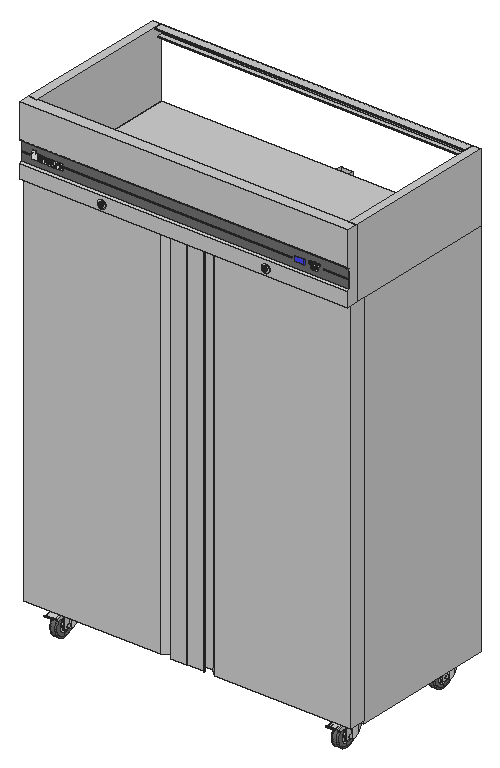
Revit family "QF_INOMAK_CFP2144_SL_250513114543", category Specialty Equipment, Revit 2021
Family settings
  Round Connector Dimension = Use Diameter
  Part Type = Normal
  OmniClass Number = 23.40.40.14
  OmniClass Title = Food Service Equipment
  Work Plane-Based = No
  Always vertical = Yes
  Cut with Voids When Loaded = No
  Shared = No
  Room Calculation Point = No
Parameters (values of type "CFP2144-SL")
  Weight [instance] = 197.00 kg
  Warranty Start Date [instance] = ""
  Warranty Duration [instance] = ""
  Volts [instance] = 230 V
  Volt Free Conn [instance] = no
  URL Recommended Spares List [instance] = ""
  URL Manufacturer [instance] = ""
  URL Cutsheet [instance] = ""
  URL Critical Spares List [instance] = ""
  URL = "www.inomak.com"
  Technical Documentation [instance] = ""
  Tag Number [instance] = ""
  Status [instance] = ""
  Start Up Current [instance] = 0 A
  Specification by User [instance] = ""
  Specification by Manufacturer [instance] = ""
  Sound Level [instance] = ""
  Show Logo [instance] = yes
  Show Clearances [instance] = yes
  Service Life Duration [instance] = ""
  Serial Number [instance] = ""
  Seismic Rating [instance] = ""
  SMACNA No [instance] = ""
  Revision Code [instance] = ""
  Revision [instance] = ""
  Production Year [instance] = ""
  Potential Equalisation [instance] = no
  Point Load [instance] = 0
  Phase [instance] = 1
  Other Equipment Approvals [instance] = ""
  Operational Current [instance] = 0 A
  Number of Poles [instance] = 2
  No Load Power Draw [instance] = no
  NAFEM Spec ID Number [instance] = ""
  Model Warning [instance] = ""
  Model = "CFP2144/SL"
  Min Ckt Ampacity [instance] = 0 A
  Max Overcurrent Protection [instance] = 10 A
  Masterspec [instance] = ""
  Manufacturer = "INOMAK"
  Main switch integrated [instance] = no
  Length Actual [instance] = 1439.926 mm
  Item Number [instance] = ""
  Installed By [instance] = ""
  Installation Date [instance] = ""
  Identify Quantity as Lot [instance] = no
  ID [instance] = ""
  Hygiene Approval [instance] = ""
  Height Actual [instance] = 2100.072 mm
  HP power [instance] = ""
  Furnished By [instance] = ""
  Foodservice Equipment Identifier [instance] = no
  FL Amps [instance] = 4.9 A
  Electrical Remarks [instance] = ""
  Electric power [instance] = 770 W
  Electric Connection Type [instance] = ""
  Elec Conn RI Height [instance] = 0 mm
  Elec Conn Connection Height [instance] = 0 mm
  ETL Approved [instance] = no
  Description = "CLOVER FREEZER CABINET WITH 2 GN 2/1 DOORS, COMPACT DIMENSIONS"
  Depth Actual [instance] = 768.096 mm
  Default Elevation = 0 mm
  Cycle [instance] = 50 Hz
  Cost = 0
  Connection to energy optimisation system [instance] = yes
  Conn Plug [instance] = ""
  Conn Conduit [instance] = no
  Centralized building control system with digital interface [instance] = ""
  CSI MasterFormat [instance] = ""
  CE Approved [instance] = no
  Barcode [instance] = 0
  Author [instance] = ""
  Asset Identifier [instance] = ""
  Apparent Power [instance] = 770 VA
  Accessory [instance] = no
Reference planes
  plane 1 "Center (Front/Back)": y = 0
  plane 2: z = 0
  plane 3 "Center (Left/Right)": x = 0
Forms (mm)
  Extrusion 1, solid, not visible
    sketch origin (1210.059, -2, 1930.094) x (1, 0, 0) y (0, 1, 0)
      loop
        line (-2, 2) -> (-2, -2) -> (2, -2) -> (2, 2) -> (-2, 2)
    from -2 to 2
Dimensions and locks
  locked: Extrusion 1 to nested 2
  locked: nested 2 to Extrusion 1 at 2
  aligned and locked: level to plane 2
Nested families
  nested 1: "QF_INOMAK_REF_CABINETS_2144_2920" at (0, 0, 130), type "CFP2144-SL"
    with Weight 197.00 kg, Warranty Start Date "", Warranty Duration "", URL Cutsheet "", Technical Documentation "", Tag Number "", Status "", Specification by User "", Specification by Manufacturer "", Sound Level "", Solid Fuel Type "", Show Clearances yes, Show Clearance yes, Service Life Duration "", Serial Number "", Seismic Rating "", SMACNA No "", Revision Code "", Revision "", Production Year "", Point Load 0, Other Equipment Approvals "", NAFEM Spec ID Number "", Model Warning "", Masterspec "", Length Actual 1439.926 mm, Item Number "", Installed By "", Installation Date "", Identify Quantity as Lot yes, ID "", Hygiene Approval "", Height Actual 2100.072 mm, Furnished By "", Foodservice Equipment Identifier yes, Finish none, ETL Approved yes, Depth Actual 768.096 mm, CSI MasterFormat "", CE Approved yes, Barcode "", Author "", Asset Identifier "", Accessory no
  nested 2: "CONN_POINT_ELE_2D___Generic_Annotation" at (1210.059, 0, 1930.094), type "CONN_POINT_ELE_2D___Generic_Annotation"
    with Onboard connection annotation symbol visibility yes
  nested 3: "QF_INOMAK_CASTORS_4703" at (0, 0, 0), type "CT-1440-730"
    with Weight 0.00 kg, Warranty Start Date "", Warranty Duration "", URL Cutsheet "", Technical Documentation "", Tag Number "", Status "", Specification by User "", Specification by Manufacturer "", Sound Level "", Solid Fuel Type "", Show Logo yes, Show Clearances yes, Service Life Duration "", Serial Number "", Seismic Rating "", SMACNA No "", Revision Code "", Revision "", Production Year "", Point Load 0, Other Equipment Approvals "", NAFEM Spec ID Number "", Model Warning "", Masterspec "", Length Actual 1439.926 mm, Item Number "", Installed By "", Installation Date "", Identify Quantity as Lot yes, ID "", Hygiene Approval "", Height Actual 130.048 mm, Furnished By "", Foodservice Equipment Identifier yes, ETL Approved yes, Depth Actual 729.996 mm, CSI MasterFormat "", CE Approved yes, Barcode "", Author "", Asset Identifier "", Accessory yes
Connectors
  electrical at (1210.059, 0, 1930.094), driven by "Apparent Power", driven by "Number of Poles", driven by "Volts"
    settings: on Extrusion 1, index 1, voltage 230 V, apparent load 0 VA, apparent load phase1 770 VA, apparent load phase2 0 VA, apparent load phase3 0 VA, power factor 1, load classification "Other", number of poles 2, system type 31, power factor state 1, is connector primary yes, connector utility no, sub classification motor no, connector description "Electrical connection for CFP2144/SL"
Definition of nested family "QF_INOMAK_REF_CABINETS_2144_2920"
  Parameters (values of type "CFP2144")
    Weight [instance] = 0.00 kg
    Warranty Start Date [instance] = ""
    Warranty Duration [instance] = ""
    URL Cutsheet [instance] = ""
    URL = "www.inomak.com"
    Technical Documentation [instance] = ""
    Tag Number [instance] = ""
    Status [instance] = ""
    Specification by User [instance] = ""
    Specification by Manufacturer [instance] = ""
    Sound Level [instance] = ""
    Solid Fuel Type [instance] = ""
    Show Logo = yes
    Show Clearances [instance] = yes
    Show Clearance [instance] = yes
    Service Life Duration [instance] = ""
    Serial Number [instance] = ""
    Seismic Rating [instance] = ""
    SMACNA No [instance] = ""
    Revision Code [instance] = ""
    Revision [instance] = ""
    Production Year [instance] = ""
    Point Load [instance] = 0
    Other Equipment Approvals [instance] = ""
    NAFEM Spec ID Number [instance] = ""
    Model Warning [instance] = ""
    Model = "CFP2144"
    Masterspec [instance] = ""
    Manufacturer = "INOMAK"
    Length Actual [instance] = 0 mm
    Length = 720 mm
    Item Number [instance] = ""
    Installed By [instance] = ""
    Installation Date [instance] = ""
    Identify Quantity as Lot [instance] = yes
    ID [instance] = ""
    Hygiene Approval [instance] = ""
    Height Actual [instance] = 0 mm
    Height = 1985 mm
    Furnished By [instance] = ""
    Foodservice Equipment Identifier [instance] = yes
    Finish [instance] = none
    ETL Approved [instance] = yes
    Description = "CASTANEA FREEZER CABINET WITH 2 GN 2/1 DOORS"
    Depth Actual [instance] = 0 mm
    Depth = 832 mm
    Default Elevation = 0 mm
    CSI MasterFormat [instance] = ""
    CE Approved [instance] = yes
    Barcode [instance] = ""
    Author [instance] = ""
    Asset Identifier [instance] = ""
    Assembly Code = "E1090320"
    Accessory [instance] = yes
  Types (4, lengths in mm): name | Model | Description | Depth
    CFP2144 | "CFP2144" | "CASTANEA FREEZER CABINET WITH 2 GN 2/1 DOORS" | 832
    CEP2144 | "CEP2144" | "CYPRESS CHILLER CABINET WITH 2 GN 2/1 DOORS" | 832
    CEP2144-SL | "CEP2144/SL" | "CLOVER CHILLER CABINET WITH 2 GN 2/1 DOORS, COMPACT DIMENSIONS" | 732
    CFP2144-SL | "CFP2144/SL" | "CLOVER FREEZER CABINET WITH 2 GN 2/1 DOORS, COMPACT DIMENSIONS" | 732
  Reference planes
    plane 1 "Back": y = 0
    plane 2: z = 0
    plane 3 "Left": x = 0
    plane 4 "Right": x = 1440
    plane 5 "Front": y = -832
    plane 6 "Top": z = 1985
  Forms (mm)
    Extrusion 1, solid
      sketch origin (-1732.685, -832, 3995) x (-1, 0, 0) y (0, 0, 1)
        loop
          circle (-3004.815, -2199.02) r 6.965
        loop
          circle (-3021.846, -2199.02) r 6.965
        loop
          circle (-3038.855, -2199.02) r 6.965
        loop
          circle (-3013.341, -2217.021) r 6.965
        loop
          circle (-3030.35, -2217.021) r 6.965
        loop
          circle (-3004.815, -2199.02) r 3.965
        loop
          circle (-3021.846, -2199.02) r 3.965
        loop
          circle (-3038.855, -2199.02) r 3.965
        loop
          circle (-3013.341, -2217.021) r 3.965
        loop
          circle (-3030.35, -2217.021) r 3.965
      from 7.3 to 10.302
    Extrusion 2, solid
      sketch origin (-1732.685, -832, 3995) x (-1, 0, 0) y (0, 0, 1)
        loop
          line (-2977.026, -2195.289) -> (-2977.026, -2218.289) -> (-2937.026, -2218.289) -> (-2937.026, -2195.289) -> (-2977.026, -2195.289)
      from 7.3 to 10.302
    Extrusion 3, solid
      sketch origin (-1732.685, -832, 3995) x (-1, 0, 0) y (0, 0, 1)
        loop
          line (-1732.685, -2167.27) -> (-3172.685, -2167.27) -> (-3172.685, -2246.309) -> (-1732.685, -2246.309) -> (-1732.685, -2167.27)
      from 7.8 to 10.302
    Extrusion 4, solid, visible <- "Show Logo"
      sketch origin (-1732.685, -832, 3995) x (-1, 0, 0) y (0, 0, 1)
        loop
          line (-1776.745, -2194.74) -> (-1782.745, -2194.74) -> (-1782.745, -2183.633) -> (-1796.982, -2183.633) -> (-1796.982, -2194.74) -> (-1802.982, -2194.74) -> (-1802.982, -2220.99) -> (-1776.745, -2220.99) -> (-1776.745, -2194.74)
        loop
          line (-1807.298, -2195.052) -> (-1814.587, -2195.052) -> (-1814.587, -2220.99) -> (-1807.298, -2220.99) -> (-1807.298, -2195.052)
        loop
          line (-1817.107, -2220.99) -> (-1817.107, -2195.052) -> (-1823.94, -2195.052) -> (-1827.134, -2206.971) -> (-1827.134, -2195.052) -> (-1833.666, -2195.052) -> (-1833.666, -2220.99) -> (-1827.134, -2220.99) -> (-1823.42, -2207.127) -> (-1823.42, -2220.99) -> (-1817.107, -2220.99)
        loop
          line (-1854.348, -2220.99) -> (-1854.348, -2195.052) -> (-1863.311, -2195.052) -> (-1865.673, -2209.062) -> (-1868.035, -2195.052) -> (-1876.997, -2195.052) -> (-1876.997, -2220.99) -> (-1870.372, -2220.99) -> (-1870.372, -2207.127) -> (-1868.035, -2220.99) -> (-1863.311, -2220.99) -> (-1860.973, -2207.127) -> (-1860.973, -2220.99) -> (-1854.348, -2220.99)
        loop
          line (-1839.536, -2195.052) -> (-1848.861, -2195.052)
          arc (-1848.861, -2195.052) -> (-1851.458, -2196.128) -> (-1852.533, -2198.724) r 3.672
          line (-1852.533, -2198.724) -> (-1852.533, -2217.318)
          arc (-1852.533, -2217.318) -> (-1851.458, -2219.914) -> (-1848.861, -2220.99) r 3.672
          line (-1848.861, -2220.99) -> (-1839.536, -2220.99)
          arc (-1839.536, -2220.99) -> (-1836.939, -2219.914) -> (-1835.864, -2217.318) r 3.672
          line (-1835.864, -2217.318) -> (-1835.864, -2198.724)
          arc (-1835.864, -2198.724) -> (-1836.939, -2196.128) -> (-1839.536, -2195.052) r 3.672
        loop
          arc (-1843.172, -2198.208) -> (-1844.198, -2197.181) -> (-1845.225, -2198.208) r 1.027
          line (-1845.225, -2198.208) -> (-1845.225, -2216.801)
          arc (-1845.225, -2216.801) -> (-1844.198, -2217.828) -> (-1843.172, -2216.801) r 1.027
          line (-1843.172, -2216.801) -> (-1843.172, -2198.208)
        loop
          line (-1878.066, -2220.99) -> (-1882.439, -2195.052) -> (-1891.3, -2195.052) -> (-1895.673, -2220.99) -> (-1889.146, -2220.99) -> (-1888.536, -2216.027) -> (-1885.203, -2216.027) -> (-1884.593, -2220.99) -> (-1878.066, -2220.99)
        loop
          line (-1885.759, -2211.498) -> (-1886.87, -2202.452) -> (-1887.98, -2211.498) -> (-1885.759, -2211.498)
        loop
          line (-1896.638, -2220.99) -> (-1896.638, -2195.052) -> (-1903.263, -2195.052) -> (-1903.263, -2204.165) -> (-1906.049, -2195.052) -> (-1913.487, -2195.052) -> (-1909.159, -2206.329) -> (-1914.207, -2220.99) -> (-1906.623, -2220.99) -> (-1903.263, -2208.45) -> (-1903.263, -2220.99) -> (-1896.638, -2220.99)
      from 7.3 to 10.3
    Extrusion 5, solid
      sketch origin (-1732.685, -832, 3995) x (-1, 0, 0) y (0, 0, 1)
        loop
          line (-1732.685, -2204.789) -> (-1769.679, -2204.789) -> (-1769.679, -2208.789) -> (-1732.685, -2208.789) -> (-1732.685, -2204.789)
        loop
          line (-1918.161, -2204.789) -> (-2922.526, -2204.789) -> (-2922.526, -2208.789) -> (-1918.161, -2208.789) -> (-1918.161, -2204.789)
        loop
          line (-3172.685, -2204.789) -> (-3172.685, -2208.789) -> (-3064.916, -2208.789) -> (-3064.916, -2204.789) -> (-3172.685, -2204.789)
      from 7.3 to 10.302
    Extrusion 6, solid, material <- "Finish"
      sketch origin (0, 24.612, -1987) x (0, 1, 0) y (0, 0, 1)
        loop
          line (-856.612, 3972) -> (-856.612, 3823.032) -> (-848.31, 3814.73) -> (-848.31, 3735.691) -> (-856.612, 3727.389) -> (-856.612, 3667) -> (-806.612, 3667) -> (-806.612, 3972) -> (-856.612, 3972)
      from 0 to 1440
    Extrusion 7, solid, material <- "Finish"
      sketch origin (0, 0, 1985) x (0, 1, 0) y (-1, 0, 0)
        loop
          line (-782, 0) -> (-782, -35) -> (0, -35) -> (0, 0) -> (-782, 0)
      from 0 to -305
    Extrusion 8, solid, material <- "Finish"
      sketch origin (0, 0, 1985) x (0, 1, 0) y (-1, 0, 0)
        loop
          line (-782, -1440) -> (0, -1440) -> (0, -1405) -> (-782, -1405) -> (-782, -1440)
      from 0 to -305
    Extrusion 9, solid, material <- "Finish"
      sketch origin (360, 24.612, -1987) x (0, 1, 0) y (0, 0, 1)
        loop
          line (-806.612, 3863.915) -> (-806.612, 3667) -> (-686.934, 3667) -> (-686.934, 3744.237) -> (-806.612, 3863.915)
      from -325 to 1045
    Extrusion 10, solid, material <- "Finish"
      sketch origin (40, 24.612, -123) x (0, 1, 0) y (0, 0, 1)
        loop
          line (-683.378, 1913.946) -> (-698.935, 1929.502) -> (-717.143, 1911.294) -> (-715.729, 1909.88) -> (-698.935, 1926.674) -> (-684.793, 1912.532) -> (-683.378, 1913.946)
      from 114.953 to 225
    Extrusion 11, solid, material <- "Finish"
      sketch origin (0, 30.903, -1982) x (0, 1, 0) y (0, 0, 1)
        loop
          line (-30.903, 3967) -> (-70.903, 3967) -> (-70.903, 3965) -> (-32.903, 3965) -> (-32.903, 3929) -> (-55.903, 3929) -> (-55.903, 3927) -> (-30.903, 3927) -> (-30.903, 3967)
      from 35 to 1405
    Extrusion 12, solid, material <- "Finish"
      sketch origin (0, 30.903, -118) x (0, 1, 0) y (0, 0, 1)
        loop
          line (-30.903, 1798) -> (-772.903, 1798) -> (-772.903, 1733) -> (-100.876, 1733) -> (-100.876, 188) -> (-772.903, 188) -> (-772.903, 118) -> (-30.903, 118) -> (-30.903, 1798)
      from 35 to 1405
    Extrusion 13, solid, material <- "Finish"
      sketch origin (0, 30.903, -415.687) x (1, 0, 0) y (0, 1, 0)
        loop
          line (0, -772.903) -> (35, -772.903) -> (35, -30.903) -> (0, -30.903) -> (0, -772.903)
      from 415.687 to 2095.687
    Extrusion 14, solid, material <- "Finish"
      sketch origin (720, 30.903, -415.687) x (-1, 0, 0) y (0, -1, 0)
        loop
          line (-720, 772.903) -> (-720, 30.903) -> (-685, 30.903) -> (-685, 772.903) -> (-720, 772.903)
      from 415.687 to 2095.687
    Revolve 15, solid
      sketch origin (358.942, 24.612, -1987) x (0, 1, 0) y (0, 0, 1)
        loop
          line (-859.012, 3694.152) -> (-856.612, 3694.152) -> (-856.612, 3711.145) -> (-857.612, 3711.145) -> (-861.012, 3706.633) -> (-861.012, 3702.998) -> (-859.012, 3702.998) -> (-859.012, 3694.152)
        axis (-856.612, 3694.152) -> (-861.012, 3694.152)
      angle from 0 to 360
    Extrusion 16, solid
      sketch origin (-2452.685, -832, 3995) x (-1, 0, 0) y (0, 0, 1)
        loop
          line (-2810.827, -2284.348) -> (-2812.827, -2284.348) -> (-2812.827, -2291.348) -> (-2810.827, -2291.348) -> (-2810.827, -2284.348)
        loop
          circle (-2811.627, -2287.848) r 7.846
      from -4.4 to -2.4
    Revolve 17, solid
      sketch origin (1081.058, 24.612, -1987) x (0, 1, 0) y (0, 0, -1)
        loop
          line (-859.012, -3694.152) -> (-859.012, -3702.998) -> (-861.012, -3702.998) -> (-861.012, -3706.633) -> (-857.612, -3711.145) -> (-856.612, -3711.145) -> (-856.612, -3694.152) -> (-859.012, -3694.152)
        axis (-856.612, -3694.152) -> (-861.012, -3694.152)
      angle from 0 to 360
    Extrusion 18, solid
      sketch origin (3892.685, -832, 3995) x (1, 0, 0) y (0, 0, -1)
        loop
          line (-2810.827, 2284.348) -> (-2810.827, 2291.348) -> (-2812.827, 2291.348) -> (-2812.827, 2284.348) -> (-2810.827, 2284.348)
        loop
          circle (-2811.627, 2287.848) r 7.846
      from -4.4 to -2.4
    Extrusion 19, solid, material <- "Finish"
      sketch origin (1400, 24.612, -123) x (0, 1, 0) y (0, 0, -1)
        loop
          line (-683.378, -1913.946) -> (-684.793, -1912.532) -> (-698.935, -1926.674) -> (-715.729, -1909.88) -> (-717.143, -1911.294) -> (-698.935, -1929.502) -> (-683.378, -1913.946)
      from 114.953 to 225
    Extrusion 20, solid, visible <- "Show Clearance", detail levels coarse
      sketch origin (872.304, -180, -18) x (-1, 0, 0) y (0, -1, 0)
        loop
          line (872.304, 1302) -> (804.804, 1302)
          arc (804.804, 1302) -> (341.042, 1101.619) -> (154.804, 632) r 660.076
          line (154.804, 632) -> (872.304, 632) -> (872.304, 1302)
      from 28 to 1695
    Extrusion 21, solid, material <- "Finish"
      sketch origin (25.5, -748.447, 1286.729) x (0, 1, 0) y (-1, 0, 0)
        loop
          line (-63.553, 25.5) -> (-63.553, -575.562) -> (-33.678, -605.437) -> (-33.678, -650.304) -> (-47.56, -652.255) -> (-51.238, -626.088) -> (-60.737, -620.603)
          arc (-60.737, -620.603) -> (-62.614, -620.603) -> (-63.553, -622.228) r 1.877
          line (-63.553, -622.228) -> (-63.553, -692) -> (6.447, -692) -> (6.447, 25.5) -> (-63.553, 25.5)
      from -1276.729 to 390.271
    Extrusion 22, solid, visible <- "Show Clearance", detail levels coarse
      sketch origin (567.696, -180, -18) x (1, 0, 0) y (0, 1, 0)
        loop
          line (872.304, -1302) -> (872.304, -632) -> (154.804, -632)
          arc (154.804, -632) -> (341.042, -1101.619) -> (804.804, -1302) r 660.076
          line (804.804, -1302) -> (872.304, -1302)
      from 28 to 1695
    Extrusion 23, solid, material <- "Finish"
      sketch origin (1414.5, -748.447, 1286.729) x (0, 1, 0) y (-1, 0, 0)
        loop
          line (-63.553, -25.5) -> (6.447, -25.5) -> (6.447, 692) -> (-63.553, 692) -> (-63.553, 622.228)
          arc (-63.553, 622.228) -> (-62.614, 620.603) -> (-60.737, 620.603) r 1.877
          line (-60.737, 620.603) -> (-51.238, 626.088) -> (-47.56, 652.255) -> (-33.678, 650.304) -> (-33.678, 605.437) -> (-63.553, 575.562) -> (-63.553, -25.5)
      from -1276.729 to 390.271
    Extrusion 24, solid, material <- "Finish"
      sketch origin (360, 30.903, -118) x (1, 0, 0) y (0, 1, 0)
        loop
          line (187, 5.097) -> (187, -29.903) -> (175, -29.903) -> (175, -30.903) -> (545, -30.903) -> (545, -29.903) -> (533, -29.903) -> (533, 5.097) -> (187, 5.097)
      from 1156 to 1531
    Extrusion 25, solid, material <- "Finish"
      sketch origin (460, 30.903, -118) x (1, 0, 0) y (0, 1, 0)
        loop
          line (339, 0.097) -> (339, -29.903) -> (325, -29.903) -> (325, -30.903) -> (340, -30.903) -> (340, -0.903) -> (393, -0.903) -> (393, -30.903) -> (408, -30.903) -> (408, -29.903) -> (394, -29.903) -> (394, 0.097) -> (339, 0.097)
      from 1531 to 1793
  Lines and regions (mm)
    symbolic lines
      curve 1: line (0, 0, 0) -> (1440, 0, 0)
      curve 2: line (0, -832, 0) -> (0, 0, 0)
      curve 3: line (1440, -832, 0) -> (0, -832, 0)
      curve 4: line (1440, 0, 0) -> (1440, -832, 0)
      curve 5: line (35, 0, 0) -> (35, -782, 0)
      curve 6: line (35, -782, 0) -> (1405, -782, 0)
      curve 7: line (1405, -782, 0) -> (1405, 0, 0)
      curve 8: line (35, -40, 0) -> (1405, -40, 0)
      curve 9: line (35, -662.322, 0) -> (1405, -662.322, 0)
      curve 16: line (547, 1, 0) -> (547, 36, 0)
      curve 17: line (547, 36, 0) -> (893, 36, 0)
      curve 18: line (893, 36, 0) -> (893, 1, 0)
      curve 19: line (547, 1, 0) -> (535, 1, 0)
      curve 20: line (535, 1, 0) -> (535, 0, 0)
      curve 21: line (893, 1, 0) -> (905, 1, 0)
      curve 22: line (905, 1, 0) -> (905, 0, 0)
      curve 23: line (785, 0, 0) -> (785, 1, 0)
      curve 24: line (785, 1, 0) -> (799, 1, 0)
      curve 25: line (799, 1, 0) -> (799, 31, 0)
      curve 26: line (799, 31, 0) -> (854, 31, 0)
      curve 27: line (854, 31, 0) -> (854, 1, 0)
      curve 28: line (854, 1, 0) -> (868, 1, 0)
      curve 29: line (868, 1, 0) -> (868, 0, 0)
    symbolic lines, visible <- "Show Clearance"
      curve 10: line (67.5, -1482, 0) -> (0, -1482, 0)
      curve 11: line (0, -1482, 0) -> (0, -832, 0)
      curve 12: arc (717.5, -832, 0) -> (524.244, -1288.744, 0) -> (67.5, -1482, 0) r 660.076
      curve 13: line (1372.5, -1482, 0) -> (1440, -1482, 0)
      curve 14: line (1440, -1482, 0) -> (1440, -832, 0)
      curve 15: arc (722.5, -832, 0) -> (915.756, -1288.744, 0) -> (1372.5, -1482, 0) r 660.076
  Dimensions and locks
    plane 3 "Left" to plane 4 "Right" = 1440 mm
    "Depth": plane 5 "Front" to plane 1 "Back"
    "Height": plane 6 "Top" to level
    plane 6 "Top" to level = 1985 mm
    aligned and locked: level to plane 2
    aligned and locked: plane 6 "Top" to Extrusion 6 sketch curve
  Automatic sketch dimensions
    Extrusion 1 sketch curve to Extrusion 1 sketch curve = 0 mm  (x13)
    plane 4 "Right" to Extrusion 1 sketch curve = 133.83 mm
    Extrusion 1 sketch curve to Extrusion 1 sketch curve = 8.505 mm
    Extrusion 1 sketch curve to Extrusion 1 sketch curve = 17.009 mm  (x2)
    Extrusion 1 sketch curve to Extrusion 1 sketch curve = 17.03 mm
    Extrusion 1 sketch curve to plane 6 "Top" = 207.021 mm
    Extrusion 1 sketch curve to Extrusion 1 sketch curve = 18.001 mm
    plane 4 "Right" to Extrusion 2 sketch curve = 195.659 mm
    Extrusion 2 sketch curve to Extrusion 2 sketch curve = 40 mm
    Extrusion 2 sketch curve to plane 6 "Top" = 208.289 mm
    Extrusion 2 sketch curve to Extrusion 2 sketch curve = 23 mm
    plane 4 "Right" to Extrusion 3 sketch curve = 0 mm
    Extrusion 3 sketch curve to plane 3 "Left" = 0 mm
    Extrusion 3 sketch curve to plane 6 "Top" = 236.309 mm
    Extrusion 3 sketch curve to Extrusion 3 sketch curve = 79.039 mm
    plane 3 "Left" to Extrusion 4 sketch curve = 181.522 mm
    Extrusion 4 sketch curve to Extrusion 4 sketch curve = 0.72 mm
    Extrusion 4 sketch curve to Extrusion 4 sketch curve = 4.329 mm
    Extrusion 4 sketch curve to Extrusion 4 sketch curve = 7.584 mm
    Extrusion 4 sketch curve to Extrusion 4 sketch curve = 7.438 mm
    Extrusion 4 sketch curve to Extrusion 4 sketch curve = 5.895 mm
    Extrusion 4 sketch curve to Extrusion 4 sketch curve = 0 mm  (x16)
    Extrusion 4 sketch curve to Extrusion 4 sketch curve = 6.625 mm  (x2)
    Extrusion 4 sketch curve to Extrusion 4 sketch curve = 0.965 mm
    Extrusion 4 sketch curve to Extrusion 4 sketch curve = 5.338 mm
    Extrusion 4 sketch curve to Extrusion 4 sketch curve = 6.527 mm  (x2)
    Extrusion 4 sketch curve to Extrusion 4 sketch curve = 0.609 mm
    Extrusion 4 sketch curve to Extrusion 4 sketch curve = 0.556 mm
    Extrusion 4 sketch curve to Extrusion 4 sketch curve = 4.43 mm  (x2)
    Extrusion 4 sketch curve to Extrusion 4 sketch curve = 2.222 mm
    Extrusion 4 sketch curve to Extrusion 4 sketch curve = 3.334 mm
    Extrusion 4 sketch curve to Extrusion 4 sketch curve = 4.552 mm
    Extrusion 4 sketch curve to Extrusion 4 sketch curve = 1.069 mm
    Extrusion 4 sketch curve to Extrusion 4 sketch curve = 8.962 mm  (x2)
    Extrusion 4 sketch curve to Extrusion 4 sketch curve = 2.337 mm
    Extrusion 4 sketch curve to Extrusion 4 sketch curve = 4.699 mm  (x2)
    Extrusion 4 sketch curve to Extrusion 4 sketch curve = 4.724 mm  (x2)
    Extrusion 4 sketch curve to Extrusion 4 sketch curve = 1.815 mm
    Extrusion 4 sketch curve to Extrusion 4 sketch curve = 3.672 mm  (x6)
    Extrusion 4 sketch curve to Extrusion 4 sketch curve = 3.636 mm  (x3)
    Extrusion 4 sketch curve to Extrusion 4 sketch curve = 1.027 mm
    Extrusion 4 sketch curve to Extrusion 4 sketch curve = 2.197 mm
    Extrusion 4 sketch curve to Extrusion 4 sketch curve = 6.532 mm  (x2)
    Extrusion 4 sketch curve to Extrusion 4 sketch curve = 3.194 mm
    Extrusion 4 sketch curve to Extrusion 4 sketch curve = 3.714 mm
    Extrusion 4 sketch curve to Extrusion 4 sketch curve = 6.312 mm
    Extrusion 4 sketch curve to Extrusion 4 sketch curve = 2.52 mm
    Extrusion 4 sketch curve to Extrusion 4 sketch curve = 7.29 mm
    Extrusion 4 sketch curve to Extrusion 4 sketch curve = 4.315 mm
    Extrusion 4 sketch curve to Extrusion 4 sketch curve = 6 mm
    Extrusion 4 sketch curve to Extrusion 4 sketch curve = 14.237 mm
    Extrusion 4 sketch curve to Extrusion 4 sketch curve = 26.237 mm
    Extrusion 4 sketch curve to plane 6 "Top" = 210.99 mm
    Extrusion 4 sketch curve to Extrusion 4 sketch curve = 0.516 mm  (x2)
    Extrusion 4 sketch curve to Extrusion 4 sketch curve = 4.963 mm
    Extrusion 4 sketch curve to Extrusion 4 sketch curve = 4.529 mm
    Extrusion 4 sketch curve to Extrusion 4 sketch curve = 11.927 mm
    Extrusion 4 sketch curve to Extrusion 4 sketch curve = 12.539 mm
    Extrusion 4 sketch curve to Extrusion 4 sketch curve = 1.935 mm  (x2)
    Extrusion 4 sketch curve to Extrusion 4 sketch curve = 13.862 mm
    Extrusion 4 sketch curve to Extrusion 4 sketch curve = 0.157 mm
    Extrusion 4 sketch curve to Extrusion 4 sketch curve = 2.122 mm
    Extrusion 4 sketch curve to Extrusion 4 sketch curve = 4.285 mm
    Extrusion 4 sketch curve to Extrusion 4 sketch curve = 9.047 mm
    Extrusion 4 sketch curve to Extrusion 4 sketch curve = 8.403 mm
    Extrusion 4 sketch curve to Extrusion 4 sketch curve = 12.075 mm
    Extrusion 4 sketch curve to Extrusion 4 sketch curve = 26.25 mm
    Extrusion 4 sketch curve to Extrusion 4 sketch curve = 0.312 mm
    Extrusion 4 sketch curve to Extrusion 4 sketch curve = 11.107 mm
    plane 4 "Right" to Extrusion 5 sketch curve = 0 mm
    Extrusion 5 sketch curve to plane 3 "Left" = 0 mm
    Extrusion 5 sketch curve to Extrusion 5 sketch curve = 107.768 mm
    Extrusion 5 sketch curve to Extrusion 5 sketch curve = 142.39 mm
    plane 3 "Left" to Extrusion 5 sketch curve = 185.476 mm
    plane 3 "Left" to Extrusion 5 sketch curve = 36.995 mm
    Extrusion 5 sketch curve to plane 6 "Top" = 198.789 mm
    Extrusion 5 sketch curve to Extrusion 5 sketch curve = 0 mm  (x2)
    Extrusion 5 sketch curve to Extrusion 5 sketch curve = 4 mm  (x3)
    Extrusion 6 sketch curve to plane 5 "Front" = 0 mm  (x2)
    plane 5 "Front" to Extrusion 6 sketch curve = 8.302 mm
    Extrusion 6 sketch curve to Extrusion 6 sketch curve = 50 mm
    Extrusion 6 sketch curve to plane 6 "Top" = 148.968 mm
    Extrusion 6 sketch curve to Extrusion 6 sketch curve = 8.302 mm  (x2)
    Extrusion 6 sketch curve to Extrusion 6 sketch curve = 79.039 mm
    Extrusion 6 sketch curve to Extrusion 6 sketch curve = 60.389 mm
    plane 5 "Front" to Extrusion 9 sketch curve = 50 mm
    Extrusion 9 sketch curve to Extrusion 9 sketch curve = 119.678 mm
    Extrusion 9 sketch curve to plane 6 "Top" = 305 mm
    Extrusion 9 sketch curve to Extrusion 9 sketch curve = 77.237 mm
    Extrusion 9 sketch curve to plane 6 "Top" = 108.085 mm
    plane 5 "Front" to Extrusion 10 sketch curve = 139.47 mm
    Extrusion 10 sketch curve to Extrusion 10 sketch curve = 1.414 mm  (x2)
    Extrusion 10 sketch curve to Extrusion 10 sketch curve = 16.794 mm
    Extrusion 10 sketch curve to Extrusion 10 sketch curve = 0 mm
    Extrusion 10 sketch curve to Extrusion 10 sketch curve = 14.142 mm
    Extrusion 10 sketch curve to plane 6 "Top" = 198.12 mm
    Extrusion 11 sketch curve to plane 6 "Top" = 0 mm
    Extrusion 11 sketch curve to plane 1 "Back" = 0 mm
    plane 1 "Back" to Extrusion 11 sketch curve = 2 mm
    Extrusion 11 sketch curve to Extrusion 11 sketch curve = 23 mm
    Extrusion 11 sketch curve to Extrusion 11 sketch curve = 38 mm
    Extrusion 11 sketch curve to Extrusion 11 sketch curve = 2 mm  (x2)
    Extrusion 11 sketch curve to Extrusion 11 sketch curve = 36 mm
    Extrusion 12 sketch curve to level = 0 mm
    Extrusion 12 sketch curve to plane 1 "Back" = 0 mm
    plane 1 "Back" to Extrusion 12 sketch curve = 69.973 mm
    plane 5 "Front" to Extrusion 12 sketch curve = 90 mm  (x2)
    level to Extrusion 12 sketch curve = 70 mm
    Extrusion 12 sketch curve to plane 6 "Top" = 370 mm
    Extrusion 12 sketch curve to Extrusion 12 sketch curve = 65 mm
    plane 1 "Back" to Extrusion 13 sketch curve = 0 mm
    Extrusion 13 sketch curve to plane 3 "Left" = 0 mm
    plane 3 "Left" to Extrusion 13 sketch curve = 35 mm
    plane 5 "Front" to Extrusion 13 sketch curve = 90 mm
    plane 1 "Back" to Extrusion 14 sketch curve = 0 mm
    Extrusion 14 sketch curve to plane 4 "Right" = 0 mm
    Extrusion 14 sketch curve to Extrusion 14 sketch curve = 35 mm
    plane 5 "Front" to Extrusion 14 sketch curve = 90 mm
    Revolve 15 sketch curve to plane 5 "Front" = 0 mm
    Revolve 15 sketch curve to plane 5 "Front" = 1 mm
    Revolve 15 sketch curve to plane 5 "Front" = 2.4 mm
    Revolve 15 sketch curve to Revolve 15 sketch curve = 2 mm
    Revolve 15 sketch curve to plane 6 "Top" = 277.848 mm
    Revolve 15 sketch curve to Revolve 15 sketch curve = 8.846 mm
    Revolve 15 sketch curve to Revolve 15 sketch curve = 3.635 mm
    Revolve 15 sketch curve to Revolve 15 sketch curve = 4.512 mm
    Revolve 15 sketch curve to Revolve 15 sketch curve = 0 mm  (x2)
    Revolve 15 sketch curve to Revolve 15 sketch curve = 4.096 mm
    plane 3 "Left" to Extrusion 16 sketch curve = 360.142 mm
    Extrusion 16 sketch curve to Extrusion 16 sketch curve = 1.2 mm
    Extrusion 16 sketch curve to Extrusion 16 sketch curve = 2 mm
    Extrusion 16 sketch curve to plane 6 "Top" = 281.348 mm
    Extrusion 16 sketch curve to Extrusion 16 sketch curve = 3.5 mm  (x2)
    Revolve 17 sketch curve to plane 5 "Front" = 0 mm
    Revolve 17 sketch curve to plane 5 "Front" = 1 mm
    Revolve 17 sketch curve to plane 5 "Front" = 2.4 mm
    Revolve 17 sketch curve to Revolve 17 sketch curve = 2 mm
    Revolve 17 sketch curve to plane 6 "Top" = 260.855 mm
    Revolve 17 sketch curve to Revolve 17 sketch curve = 4.512 mm
    Revolve 17 sketch curve to Revolve 17 sketch curve = 3.635 mm
    Revolve 17 sketch curve to Revolve 17 sketch curve = 8.846 mm
    Revolve 17 sketch curve to Revolve 17 sketch curve = 0 mm  (x2)
    Revolve 17 sketch curve to Revolve 17 sketch curve = 4.096 mm
    plane 4 "Right" to Extrusion 18 sketch curve = 360.142 mm
    Extrusion 18 sketch curve to Extrusion 18 sketch curve = 1.2 mm
    Extrusion 18 sketch curve to Extrusion 18 sketch curve = 2 mm
    Extrusion 18 sketch curve to plane 6 "Top" = 274.348 mm
    Extrusion 18 sketch curve to Extrusion 18 sketch curve = 3.5 mm  (x2)
    plane 5 "Front" to Extrusion 19 sketch curve = 139.47 mm
    Extrusion 19 sketch curve to Extrusion 19 sketch curve = 1.414 mm
    Extrusion 19 sketch curve to Extrusion 19 sketch curve = 16.794 mm
    Extrusion 19 sketch curve to Extrusion 19 sketch curve = 0 mm
    Extrusion 19 sketch curve to Extrusion 19 sketch curve = 14.142 mm
    Extrusion 19 sketch curve to plane 6 "Top" = 178.498 mm
    Extrusion 19 sketch curve to Extrusion 19 sketch curve = 12.728 mm
    Extrusion 20 sketch curve to plane 3 "Left" = 0 mm
    plane 5 "Front" to Extrusion 20 sketch curve = 10 mm
    plane 3 "Left" to Extrusion 20 sketch curve = 57.5 mm
    plane 3 "Left" to Extrusion 20 sketch curve = 67.5 mm
    plane 5 "Front" to Extrusion 20 sketch curve = 20 mm
    Extrusion 20 sketch curve to Extrusion 20 sketch curve = 660 mm
    Extrusion 21 sketch curve to plane 3 "Left" = 0 mm
    plane 5 "Front" to Extrusion 21 sketch curve = 20 mm  (x2)
    Extrusion 21 sketch curve to Extrusion 21 sketch curve = 1.877 mm
    Extrusion 21 sketch curve to Extrusion 21 sketch curve = 0.938 mm
    Extrusion 21 sketch curve to Extrusion 21 sketch curve = 9.5 mm
    Extrusion 21 sketch curve to Extrusion 21 sketch curve = 3.678 mm
    Extrusion 21 sketch curve to Extrusion 21 sketch curve = 13.882 mm
    Extrusion 21 sketch curve to Extrusion 21 sketch curve = 70 mm
    plane 3 "Left" to Extrusion 21 sketch curve = 601.062 mm
    Extrusion 21 sketch curve to Extrusion 21 sketch curve = 29.874 mm
    Extrusion 21 sketch curve to Extrusion 21 sketch curve = 15.166 mm
    Extrusion 21 sketch curve to Extrusion 21 sketch curve = 5.485 mm
    Extrusion 21 sketch curve to Extrusion 21 sketch curve = 24.216 mm
    Extrusion 21 sketch curve to Extrusion 21 sketch curve = 41.696 mm
    Extrusion 22 sketch curve to plane 4 "Right" = 0 mm
    plane 5 "Front" to Extrusion 22 sketch curve = 10 mm
    plane 4 "Right" to Extrusion 22 sketch curve = 57.5 mm
    plane 4 "Right" to Extrusion 22 sketch curve = 67.5 mm
    plane 5 "Front" to Extrusion 22 sketch curve = 20 mm
    Extrusion 22 sketch curve to Extrusion 22 sketch curve = 660 mm
    Extrusion 23 sketch curve to plane 4 "Right" = 0 mm
    plane 5 "Front" to Extrusion 23 sketch curve = 20 mm  (x2)
    Extrusion 23 sketch curve to Extrusion 23 sketch curve = 1.877 mm
    Extrusion 23 sketch curve to Extrusion 23 sketch curve = 0.938 mm
    Extrusion 23 sketch curve to Extrusion 23 sketch curve = 9.5 mm
    Extrusion 23 sketch curve to Extrusion 23 sketch curve = 3.678 mm
    Extrusion 23 sketch curve to Extrusion 23 sketch curve = 13.882 mm
    Extrusion 23 sketch curve to Extrusion 23 sketch curve = 70 mm
    plane 4 "Right" to Extrusion 23 sketch curve = 601.062 mm
    Extrusion 23 sketch curve to Extrusion 23 sketch curve = 29.874 mm
    Extrusion 23 sketch curve to Extrusion 23 sketch curve = 15.166 mm
    Extrusion 23 sketch curve to Extrusion 23 sketch curve = 5.485 mm
    Extrusion 23 sketch curve to Extrusion 23 sketch curve = 24.216 mm
    Extrusion 23 sketch curve to Extrusion 23 sketch curve = 39.745 mm
    Extrusion 7 sketch curve to plane 3 "Left" = 0 mm
    plane 1 "Back" to Extrusion 7 sketch curve = 0 mm
    plane 5 "Front" to Extrusion 7 sketch curve = 50 mm
    plane 3 "Left" to Extrusion 7 sketch curve = 35 mm
    Extrusion 8 sketch curve to plane 4 "Right" = 0 mm
    plane 1 "Back" to Extrusion 8 sketch curve = 0 mm
    plane 5 "Front" to Extrusion 8 sketch curve = 50 mm
    Extrusion 8 sketch curve to Extrusion 8 sketch curve = 35 mm
    plane 1 "Back" to Extrusion 24 sketch curve = 0 mm
    Extrusion 24 sketch curve to plane 1 "Back" = 1 mm  (x2)
    plane 3 "Left" to Extrusion 24 sketch curve = 535 mm
    Extrusion 24 sketch curve to Extrusion 24 sketch curve = 12 mm  (x2)
    Extrusion 24 sketch curve to plane 1 "Back" = 36 mm
    Extrusion 24 sketch curve to Extrusion 24 sketch curve = 346 mm
    plane 1 "Back" to Extrusion 25 sketch curve = 0 mm  (x2)
    plane 3 "Left" to Extrusion 25 sketch curve = 785 mm
    Extrusion 25 sketch curve to plane 1 "Back" = 1 mm  (x2)
    Extrusion 25 sketch curve to Extrusion 25 sketch curve = 14 mm  (x2)
    Extrusion 25 sketch curve to Extrusion 25 sketch curve = 1 mm  (x3)
    Extrusion 25 sketch curve to Extrusion 25 sketch curve = 53 mm
    Extrusion 25 sketch curve to Extrusion 25 sketch curve = 29 mm
    curve 1 to plane 3 "Left" = 0 mm
    curve 12 to plane 5 "Front" = 0 mm
    curve 13 to plane 4 "Right" = 0 mm
    plane 3 "Left" to curve 5 = 35 mm
    plane 5 "Front" to curve 12 = 10 mm
    curve 5 to curve 12 = 22.5 mm
    plane 3 "Left" to curve 10 = 67.5 mm
    curve 19 to plane 1 "Back" = 1 mm
    curve 5 to curve 19 = 500 mm
    curve 19 to curve 17 = 12 mm
    curve 24 to plane 1 "Back" = 1 mm
    curve 16 to curve 24 = 238 mm
    curve 23 to curve 25 = 14 mm
    curve 27 to plane 1 "Back" = 1 mm
    curve 24 to curve 27 = 55 mm
    curve 27 to curve 29 = 14 mm
    curve 18 to plane 1 "Back" = 1 mm
    curve 28 to curve 18 = 25 mm
    curve 18 to curve 22 = 12 mm
    plane 4 "Right" to curve 13 = 67.5 mm
    plane 5 "Front" to curve 15 = 10 mm
    plane 4 "Right" to curve 15 = 57.5 mm
    plane 4 "Right" to curve 6 = 35 mm
    curve 10 to plane 5 "Front" = 650 mm
    curve 13 to curve 3 = 650 mm
    curve 12 to curve 5 = 40 mm
    curve 27 to curve 27 = 30 mm
    curve 16 to curve 17 = 35 mm
    curve 6 to curve 9 = 119.678 mm
    plane 1 "Back" to curve 8 = 40 mm
    plane 1 "Back" to curve 2 = 0 mm
    radius of Extrusion 1 sketch curve = 6.965 mm  (x5)
    radius of Extrusion 1 sketch curve = 3.965 mm  (x5)
    radius of Extrusion 16 sketch curve = 7.846 mm
    radius of Extrusion 18 sketch curve = 7.846 mm
Definition of nested family "QF_INOMAK_CASTORS_4703"
  Parameters (values of type "CT-1105-600")
    Weight [instance] = 0.00 kg
    Warranty Start Date [instance] = ""
    Warranty Duration [instance] = ""
    URL Cutsheet [instance] = ""
    URL = "www.inomak.com"
    Technical Documentation [instance] = ""
    Tag Number [instance] = ""
    Status [instance] = ""
    Specification by User [instance] = ""
    Specification by Manufacturer [instance] = ""
    Sound Level [instance] = ""
    Solid Fuel Type [instance] = ""
    Show Logo [instance] = yes
    Show Clearances [instance] = yes
    Service Life Duration [instance] = ""
    Serial Number [instance] = ""
    Seismic Rating [instance] = ""
    SMACNA No [instance] = ""
    Right offset = 300 mm
    Revision Code [instance] = ""
    Revision [instance] = ""
    Rear offset = 60 mm
    Production Year [instance] = ""
    Point Load [instance] = 0
    Other Equipment Approvals [instance] = ""
    NAFEM Spec ID Number [instance] = ""
    Model Warning [instance] = ""
    Model = "CT"
    Masterspec [instance] = ""
    Manufacturer = "INOMAK"
    Length Actual [instance] = 0 mm
    Length = 1103 mm
    Left offset = 60 mm
    Item Number [instance] = ""
    Installed By [instance] = ""
    Installation Date [instance] = ""
    Identify Quantity as Lot [instance] = yes
    ID [instance] = ""
    Hygiene Approval [instance] = ""
    Height Actual [instance] = 0 mm
    Height = 130 mm
    Furnished By [instance] = ""
    Front offset = 150 mm
    Foodservice Equipment Identifier [instance] = yes
    ETL Approved [instance] = yes
    Description = "WHEELS"
    Depth Actual [instance] = 0 mm
    Depth = 600 mm
    Default Elevation = 0 mm
    CentralLegs = if(Length > 1900 mm, 2 > 1, 2 < 1)  # no
    CSI MasterFormat [instance] = ""
    CE Approved [instance] = yes
    Barcode [instance] = ""
    Author [instance] = ""
    Asset Identifier [instance] = ""
    Assembly Code = "E1090320"
    Accessory [instance] = yes
  Types (12, lengths in mm): name | Right offset | Rear offset | Length | Left offset | Front offset | Depth | CentralLegs
    CT-720-830 | 100 | 60 | 720 | 100 | 140 | 830 | no
    CT-1105-700 | 300 | 60 | 1103 | 60 | 150 | 700 | no
    CT-1440-730 | 100 | 60 | 1440 | 100 | 140 | 730 | no
    CT-720-730 | 100 | 60 | 720 | 100 | 140 | 730 | no
    CT-1410-700 | 60 | 90 | 1406 | 60 | 150 | 700 | no
    CT-1795-700 | 60 | 90 | 1792 | 60 | 150 | 700 | no
    CT-1440-830 | 100 | 60 | 1440 | 100 | 140 | 830 | no
    CT-1545-700 | 300 | 90 | 1546 | 100 | 150 | 700 | no
    CT-1995-700 | 300 | 90 | 1996 | 100 | 150 | 700 | yes
    CT-1105-600 | 300 | 60 | 1103 | 60 | 150 | 600 | no
    CT-1545-600 | 300 | 90 | 1546 | 100 | 150 | 600 | no
    CT-1995-600 | 300 | 90 | 1996 | 100 | 150 | 600 | yes
  Reference planes
    plane 1 "Back": y = 0
    plane 2: z = 0
    plane 3 "Left": x = 0
    plane 4 "Right": x = 1103
    plane 5 "Front": y = -600
    plane 6 "Top": z = 130
    plane 7 "Left offset": x = 60
    plane 8 "Right offset": x = 803
    plane 9 "Rear offset": y = -60
    plane 10 "Front offset": y = -450
    plane 11: x = 431.5
  Dimensions and locks
    "Length": plane 3 "Left" to plane 4 "Right"
    "Depth": plane 5 "Front" to plane 1 "Back"
    "Left offset": plane 3 "Left" to plane 7 "Left offset"
    "Right offset": plane 8 "Right offset" to plane 4 "Right"
    "Rear offset": plane 9 "Rear offset" to plane 1 "Back"
    "Front offset": plane 10 "Front offset" to plane 5 "Front"
    plane 6 "Top" to level = 130 mm
    equal spacing: plane 7 "Left offset", plane 11, plane 8 "Right offset"
    aligned and locked: level to plane 2
    aligned and locked: nested 1 to plane 7 "Left offset"
    aligned and locked: nested 1 to plane 10 "Front offset"
    aligned and locked: nested 2 to plane 8 "Right offset"
    aligned and locked: nested 2 to plane 10 "Front offset"
    aligned and locked: nested 3 to plane 7 "Left offset"
    aligned and locked: nested 3 to plane 9 "Rear offset"
    aligned and locked: nested 4 to plane 8 "Right offset"
    aligned and locked: nested 4 to plane 9 "Rear offset"
    aligned and locked: nested 5 to plane 11
    aligned and locked: nested 5 to plane 10 "Front offset"
  Nested families
    nested 1: "QF_INOMAK_CASTOR_BRAKES" at (60, -450, 0), type "QF_INOMAK_CASTOR_BRAKES"
    nested 2: "QF_INOMAK_CASTOR_BRAKES" at (803, -450, 0), type "QF_INOMAK_CASTOR_BRAKES"
    nested 3: "QF_INOMAK_CASTOR" at (60, -60, 0), type "QF_INOMAK_CASTOR"
    nested 4: "QF_INOMAK_CASTOR" at (803, -60, 0), type "QF_INOMAK_CASTOR"
    nested 5: "QF_INOMAK_CASTOR_BRAKES" at (431.5, -450, 0), visible <- "CentralLegs", type "QF_INOMAK_CASTOR_BRAKES"
  Definition of nested family "QF_INOMAK_CASTOR_BRAKES"
    Parameters (values of type "QF_INOMAK_CASTOR_BRAKES")
      Default Elevation = 0 mm
    Reference planes
      plane 1 "Center (Front/Back)": y = 0
      plane 2: z = 0
      plane 3 "Center (Left/Right)": x = 0
    Forms (mm)
      Extrusion 1, solid
        sketch origin (-55, 171.5, 124.5) x (1, 0, 0) y (0, 1, 0)
          loop
            line (12.5, -214) -> (97.5, -214)
            arc (97.5, -214) -> (104.571, -211.071) -> (107.5, -204) r 10
            line (107.5, -204) -> (107.5, -139)
            arc (107.5, -139) -> (104.571, -131.929) -> (97.5, -129) r 10
            line (97.5, -129) -> (12.5, -129)
            arc (12.5, -129) -> (5.429, -131.929) -> (2.5, -139) r 10
            line (2.5, -139) -> (2.5, -204)
            arc (2.5, -204) -> (5.429, -211.071) -> (12.5, -214) r 10
        from 0 to 5.5
      Extrusion 2, solid
        sketch origin (-55, 146, 24.5) x (1, 0, 0) y (0, 1, 0)
          loop
            circle (55, -146) r 36
          loop
            circle (55, -146) r 34
        from 12 to 100
      Extrusion 3, void
        sketch origin (-37.5, 146, -28.526) x (0, 1, 0) y (0, 0, 1)
          loop
            line (-105, 63.026) -> (-105, 139.692) -> (-158.75, 68.026)
            arc (-158.75, 68.026) -> (-160.956, 66.036) -> (-163.75, 65.026) r 7.727
            line (-163.75, 65.026) -> (-175, 65.026) -> (-175, 136.026) -> (-182, 136.026) -> (-182, 63.026) -> (-105, 63.026)
        from 0 to 75
      Revolve 4, solid
        sketch origin (0, -37.5, -3.552) x (1, 0, 0) y (0, 0, 1)
          loop
            arc (10, 3.552) -> (13.536, 5.016) -> (15, 8.552) r 5
            line (15, 8.552) -> (15, 22.052) -> (-15, 22.052) -> (-15, 8.552)
            arc (-15, 8.552) -> (-13.536, 5.016) -> (-10, 3.552) r 5
            line (-10, 3.552) -> (10, 3.552)
          axis (-15, 53.552) -> (15, 53.552)
        angle from 0 to 360
      Extrusion 5, solid
        sketch origin (-21.466, 171.5, -31.526) x (0, 1, 0) y (0, 0, 1)
          loop
            line (-200.5, 68.026) -> (-200.5, 139.026) -> (-222.5, 139.026) -> (-267.507, 126.05)
            arc (-267.507, 126.05) -> (-264.51, 121.7) -> (-259.5, 120.026) r 8.333
            line (-259.5, 120.026) -> (-224.5, 120.026) -> (-224.5, 76.026)
            arc (-224.5, 76.026) -> (-222.157, 70.369) -> (-216.5, 68.026) r 8
            line (-216.5, 68.026) -> (-200.5, 68.026)
        from -3.534 to -1.534
      Extrusion 6, solid
        sketch origin (-34, 171.5, -14) x (0, 1, 0) y (0, 0, 1)
          loop
            circle (-209, 64) r 12.5
        from 11 to 57
      Revolve 7, solid
        sketch origin (-55, -37.5, -3.552) x (1, 0, 0) y (0, 0, 1)
          loop
            arc (65, 22.052) -> (61.464, 23.516) -> (60, 27.052) r 5
            line (60, 27.052) -> (60, 53.526) -> (50, 53.526) -> (50, 27.052)
            arc (50, 27.052) -> (48.536, 23.516) -> (45, 22.052) r 5
            line (45, 22.052) -> (65, 22.052)
          axis (45, 53.526) -> (65, 53.526)
        angle from 0 to 360
      Extrusion 8, solid
        sketch origin (21.466, 171.5, -31.526) x (0, 1, 0) y (0, 0, -1)
          loop
            line (-200.5, -68.026) -> (-216.5, -68.026)
            arc (-216.5, -68.026) -> (-222.157, -70.369) -> (-224.5, -76.026) r 8
            line (-224.5, -76.026) -> (-224.5, -120.026) -> (-259.5, -120.026)
            arc (-259.5, -120.026) -> (-264.51, -121.7) -> (-267.507, -126.05) r 8.333
            line (-267.507, -126.05) -> (-222.5, -139.026) -> (-200.5, -139.026) -> (-200.5, -68.026)
        from -3.534 to -1.534
      Extrusion 9, solid
        sketch origin (250, -359.196, -27.974) x (1, 0, 0) y (0, 1, 0)
          loop
            line (-275, 330.196) -> (-273, 330.196)
            arc (-273, 330.196) -> (-273.274, 332.754) -> (-274.083, 335.196) r 12.082
            line (-274.083, 335.196) -> (-276.833, 335.196)
            arc (-276.833, 335.196) -> (-275.473, 332.858) -> (-275, 330.196) r 7.737
        from 64.474 to 135.474
      Extrusion 10, solid
        sketch origin (-250, -359.196, -27.974) x (-1, 0, 0) y (0, -1, 0)
          loop
            arc (-275, -330.196) -> (-275.473, -332.858) -> (-276.833, -335.196) r 7.737
            line (-276.833, -335.196) -> (-274.083, -335.196)
            arc (-274.083, -335.196) -> (-273.274, -332.754) -> (-273, -330.196) r 12.082
            line (-273, -330.196) -> (-275, -330.196)
        from 64.474 to 135.474
      Sweep 11, solid
        path origin (0, -359.196, -27.974) x (0, 1, 0) y (0, 0, 1)
          loop
            line (338.196, 135.474) -> (308.196, 135.474) -> (263.189, 122.499)
        profile origin (0, -36, 107.5) x (0, 0, -1) y (1, 0, 0)
          loop
            arc (-4, -21) -> (-2.828, -23.828) -> (0, -25) r 4
            line (0, -25) -> (0, -23)
            arc (0, -23) -> (-1.414, -22.414) -> (-2, -21) r 2
            line (-2, -21) -> (-2, 21)
            arc (-2, 21) -> (-1.414, 22.414) -> (0, 23) r 2
            line (0, 23) -> (0, 25)
            arc (0, 25) -> (-2.828, 23.828) -> (-4, 21) r 4
            line (-4, 21) -> (-4, -21)
      Extrusion 12, solid
        sketch origin (-15, -620.032, 471.611) x (1, 0, 0) y (0, 0.809942, -0.58651)
          loop
            line (0, 640.696) -> (0, 622.696) -> (6, 617.696) -> (24, 617.696) -> (30, 622.696) -> (30, 640.696) -> (0, 640.696)
        from 0 to 2
      Extrusion 13, solid
        sketch origin (-10, -688.801, 95.837) x (0, 1, 0) y (0, 0, 1)
          loop
            line (587.696, 0) -> (592.196, -3.259)
            arc (592.196, -3.259) -> (593.446, -3.664) -> (594.696, -3.259) r 2.131
            line (594.696, -3.259) -> (604.172, 4.031) -> (598.943, 2.532) -> (594.631, -0.785)
            arc (594.631, -0.785) -> (593.44, -1.2) -> (592.238, -0.82) r 2
            line (592.238, -0.82) -> (588.869, 1.62) -> (587.696, 0)
        from 0 to 20
      Extrusion 14, solid
        sketch origin (-31, -958.08, 50) x (0, 1, 0) y (0, 0, 1)
          loop
            line (924.33, -6.495) -> (928.08, 0) -> (924.33, 6.495) -> (916.83, 6.495) -> (913.08, 0) -> (916.83, -6.495) -> (924.33, -6.495)
        from 0 to 62
    Cuts and joins
      Extrusion 3 cuts Extrusion 2
      Extrusion 3 cuts Extrusion 9
      Extrusion 3 cuts Extrusion 10
    Dimensions and locks
      aligned and locked: level to plane 2
  Definition of nested family "QF_INOMAK_CASTOR"
    Parameters (values of type "QF_INOMAK_CASTOR")
      Default Elevation = 0 mm
    Reference planes
      plane 1 "Center (Front/Back)": y = 0
      plane 2: z = 0
      plane 3 "Center (Left/Right)": x = 0
    Forms (mm)
      Extrusion 1, solid
        sketch origin (-55, 171.5, 124.5) x (1, 0, 0) y (0, 1, 0)
          loop
            line (12.5, -214) -> (97.5, -214)
            arc (97.5, -214) -> (104.571, -211.071) -> (107.5, -204) r 10
            line (107.5, -204) -> (107.5, -139)
            arc (107.5, -139) -> (104.571, -131.929) -> (97.5, -129) r 10
            line (97.5, -129) -> (12.5, -129)
            arc (12.5, -129) -> (5.429, -131.929) -> (2.5, -139) r 10
            line (2.5, -139) -> (2.5, -204)
            arc (2.5, -204) -> (5.429, -211.071) -> (12.5, -214) r 10
        from 0 to 5.5
      Extrusion 2, solid
        sketch origin (-55, 146, 24.5) x (1, 0, 0) y (0, 1, 0)
          loop
            circle (55, -146) r 36
          loop
            circle (55, -146) r 34
        from 12 to 100
      Extrusion 3, void
        sketch origin (-37.5, 146, -28.526) x (0, 1, 0) y (0, 0, 1)
          loop
            line (-105, 63.026) -> (-105, 139.692) -> (-158.75, 68.026)
            arc (-158.75, 68.026) -> (-160.956, 66.036) -> (-163.75, 65.026) r 7.727
            line (-163.75, 65.026) -> (-175, 65.026) -> (-175, 136.026) -> (-182, 136.026) -> (-182, 63.026) -> (-105, 63.026)
        from 0 to 75
      Revolve 4, solid
        sketch origin (0, -37.5, -3.552) x (1, 0, 0) y (0, 0, 1)
          loop
            arc (10, 3.552) -> (13.536, 5.016) -> (15, 8.552) r 5
            line (15, 8.552) -> (15, 22.052) -> (-15, 22.052) -> (-15, 8.552)
            arc (-15, 8.552) -> (-13.536, 5.016) -> (-10, 3.552) r 5
            line (-10, 3.552) -> (10, 3.552)
          axis (-15, 53.552) -> (15, 53.552)
        angle from 0 to 360
      Extrusion 5, solid
        sketch origin (-21.466, 171.5, -31.526) x (0, 1, 0) y (0, 0, 1)
          loop
            line (-200.5, 68.026) -> (-200.5, 139.026) -> (-224.5, 139.026) -> (-224.5, 76.026)
            arc (-224.5, 76.026) -> (-222.157, 70.369) -> (-216.5, 68.026) r 8
            line (-216.5, 68.026) -> (-200.5, 68.026)
        from -3.534 to -1.534
      Extrusion 6, solid
        sketch origin (-34, 171.5, -14) x (0, 1, 0) y (0, 0, 1)
          loop
            circle (-209, 64) r 12.5
        from 11 to 57
      Revolve 7, solid
        sketch origin (-55, -37.5, -3.552) x (1, 0, 0) y (0, 0, 1)
          loop
            arc (65, 22.052) -> (61.464, 23.516) -> (60, 27.052) r 5
            line (60, 27.052) -> (60, 53.526) -> (50, 53.526) -> (50, 27.052)
            arc (50, 27.052) -> (48.536, 23.516) -> (45, 22.052) r 5
            line (45, 22.052) -> (65, 22.052)
          axis (45, 53.526) -> (65, 53.526)
        angle from 0 to 360
      Extrusion 8, solid
        sketch origin (21.466, 171.5, -31.526) x (0, 1, 0) y (0, 0, -1)
          loop
            line (-200.5, -68.026) -> (-216.5, -68.026)
            arc (-216.5, -68.026) -> (-222.157, -70.369) -> (-224.5, -76.026) r 8
            line (-224.5, -76.026) -> (-224.5, -139.026) -> (-200.5, -139.026) -> (-200.5, -68.026)
        from -3.534 to -1.534
      Extrusion 9, solid
        sketch origin (250, -359.196, -27.974) x (1, 0, 0) y (0, 1, 0)
          loop
            line (-275, 330.196) -> (-273, 330.196)
            arc (-273, 330.196) -> (-273.274, 332.754) -> (-274.083, 335.196) r 12.082
            line (-274.083, 335.196) -> (-276.833, 335.196)
            arc (-276.833, 335.196) -> (-275.473, 332.858) -> (-275, 330.196) r 7.737
        from 64.474 to 135.474
      Extrusion 10, solid
        sketch origin (-250, -359.196, -27.974) x (-1, 0, 0) y (0, -1, 0)
          loop
            arc (-275, -330.196) -> (-275.473, -332.858) -> (-276.833, -335.196) r 7.737
            line (-276.833, -335.196) -> (-274.083, -335.196)
            arc (-274.083, -335.196) -> (-273.274, -332.754) -> (-273, -330.196) r 12.082
            line (-273, -330.196) -> (-275, -330.196)
        from 64.474 to 135.474
      Sweep 11, solid
        path origin (0, -359.196, -27.974) x (0, 1, 0) y (0, 0, 1)
          loop
            line (338.196, 135.474) -> (306.196, 135.474)
        profile origin (0, -37, 107.5) x (0, 0, -1) y (1, 0, 0)
          loop
            arc (-4, -21) -> (-2.828, -23.828) -> (0, -25) r 4
            line (0, -25) -> (0, -23)
            arc (0, -23) -> (-1.414, -22.414) -> (-2, -21) r 2
            line (-2, -21) -> (-2, 21)
            arc (-2, 21) -> (-1.414, 22.414) -> (0, 23) r 2
            line (0, 23) -> (0, 25)
            arc (0, 25) -> (-2.828, 23.828) -> (-4, 21) r 4
            line (-4, 21) -> (-4, -21)
      Extrusion 12, solid
        sketch origin (-31, -958.08, 50) x (0, 1, 0) y (0, 0, 1)
          loop
            line (924.33, -6.495) -> (928.08, 0) -> (924.33, 6.495) -> (916.83, 6.495) -> (913.08, 0) -> (916.83, -6.495) -> (924.33, -6.495)
        from 0 to 62
    Cuts and joins
      Extrusion 3 cuts Extrusion 2
      Extrusion 3 cuts Extrusion 9
      Extrusion 3 cuts Extrusion 10
    Dimensions and locks
      aligned and locked: level to plane 2
Definition of nested family "CONN_POINT_ELE_2D___Generic_Annotation"
  Parameters (values of type "CONN_POINT_ELE_2D___Generic_Annotation")
    Onboard connection annotation symbol visibility [instance] = yes
  Reference planes
    plane 1: y = 0
    plane 2: x = 0
  Lines and regions (mm)
    detail lines, visible <- "Onboard connection annotation symbol visibility"
      curve 1: circle (0, 0, 0) r 0.5 normal (0, 0, 1)
      curve 2: line (-1, 0, 0) -> (1, 0, 0)
      curve 3: line (0, 1, 0) -> (0, -1, 0)
      curve 4: line (2.5, 1, 0) -> (1.25, 1, 0)
      curve 5: line (1.25, 1, 0) -> (1.25, -1, 0)
      curve 6: line (1.25, -1, 0) -> (2.5, -1, 0)
      curve 7: line (1.25, 0, 0) -> (2, 0, 0)
